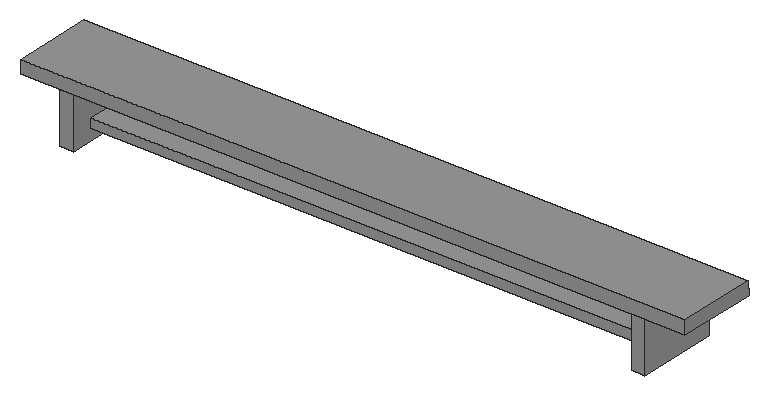
Revit family "АВЛН_Скамья гимнастическая", category Мебель, Revit 2019
Family settings
  Номер OmniClass = 23.40.20.00
  Заголовок OmniClass = General Furniture and Specialties
  На основе рабочей плоскости = Нет
  Всегда вертикально = Да
  При загрузке вырезать с полостями = Нет
  Общий = Нет
  Точка расчета площади = Нет
Parameters (values of type "Скамья гимнастическая 2500х300х240(h)мм")
  Описание = "Скамья гимнастическая 2500х300х240(h)мм"
  М. основы = Древесина
  Type Comments = ""
  Keynote = ""
  Manufacturer = ""
  Группа модели = "Оборудование Спортивной зоны"
  ADSK_Размер_Ширина = 300 mm
  ADSK_Размер_Длина = 2500 mm
  ADSK_Размер_Высота = 240 mm
  ADSK_Обозначение = ""
  ADSK_Масса = 0
  ADSK_Код изделия = ""
  ADSK_Единица измерения = "шт"  # constant formula
Reference planes
  plane 1 "По центру (Вперед/Назад)": y = 0
  plane 2: z = 0
  plane 3 "По центру (Влево/Вправо)": x = 0
  plane 4: z = 240
  plane 5: y = 150
  plane 6: x = 1250
  plane 7: x = -1250
  plane 8: y = -150
Forms (mm)
  Extrusion 1, solid, material "Древесина" <- "М. основы"
    sketch origin (0, -518.993, 593.927) x (-1, 0, 0) y (0, -1, 0)
      loop
        line (-1250, -668.993) -> (1250, -668.993) -> (1250, -368.993) -> (-1250, -368.993) -> (-1250, -668.993)
    from -403.927 to -353.927
  Extrusion 2, solid, material "Древесина" <- "М. основы"
    sketch origin (0, -518.993, 592.976) x (-1, 0, 0) y (0, -1, 0)
      loop
        line (1100, -668.993) -> (1100, -368.993) -> (1050, -368.993) -> (1050, -668.993) -> (1100, -668.993)
      loop
        line (-1050, -668.993) -> (-1050, -368.993) -> (-1100, -368.993) -> (-1100, -668.993) -> (-1050, -668.993)
    from -592.976 to -402.976
  Extrusion 3, solid, material "Древесина" <- "М. основы"
    sketch origin (0, -518.993, 592.976) x (-1, 0, 0) y (0, -1, 0)
      loop
        line (1050, -591.319) -> (1050, -446.667) -> (-1050, -446.667) -> (-1050, -591.319) -> (1050, -591.319)
    from -546.856 to -512.976
Dimensions and locks
  plane 2 to plane 4 = 240 mm
  equal spacing: plane 8, plane 1 "По центру (Вперед/Назад)", plane 5
  equal spacing: plane 7, plane 3 "По центру (Влево/Вправо)", plane 6
  "ADSK_Размер_Длина": plane 7 to plane 6
  "ADSK_Размер_Ширина": plane 5 to plane 8
  "ADSK_Размер_Высота": plane 2 to plane 4
  locked: Extrusion 1 to plane 4 at 50
  plane 7 to Extrusion 2 sketch curve to Extrusion 2 sketch curve = 150 mm locked, 50 mm locked
  Extrusion 2 sketch curve to Extrusion 2 sketch curve to plane 6 = 50 mm locked, 150 mm locked
  equal spacing: Extrusion 3 sketch curve, plane 1 "По центру (Вперед/Назад)", Extrusion 3 sketch curve
  aligned and locked: level to plane 2
  aligned and locked: Extrusion 1 sketch curve to plane 5
  aligned and locked: Extrusion 1 sketch curve to plane 8
  aligned and locked: Extrusion 1 sketch curve to plane 7
  aligned and locked: plane 6 to Extrusion 1 sketch curve
  aligned and locked: Extrusion 1 to plane 4
  aligned and locked: plane 5 to Extrusion 2 sketch curve
  aligned and locked: Extrusion 2 sketch curve to plane 8
  aligned and locked: plane 8 to Extrusion 2 sketch curve
  aligned and locked: Extrusion 2 sketch curve to plane 5
  aligned and locked: Extrusion 2 to level
  aligned and locked: Extrusion 2 to Extrusion 1
  aligned and locked: Extrusion 2 to Extrusion 3 sketch curve  (x2)
Automatic sketch dimensions
  Extrusion 3 sketch curve to plane 1 "По центру (Вперед/Назад)" = 72.326 mm
